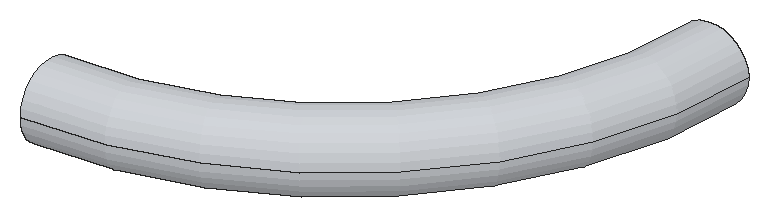
Revit family "TuberiaPEAD_Curva90_redincendios_Extrucol_0002", category Uniones de tubería, Revit 2020
Family settings
  Cota de conector redondo = Diámetro de uso
  Tipo de pieza = Codo
  Se basa en plano de trabajo = No
  Siempre vertical = Sí
  Corte con vacíos al cargar = No
  Compartido = No
Parameters
  x [instance] = Radio Curvatura * tan(Angulo / 2)  # 1250 mm
  URL = "http://www.extrucol.com/"
  Radio Curvatura [instance] = DN * 5  # 1250 mm
  Fabricante = "Extrucol"
  Elevación por defecto = 0 mm
  Descripción = "Codo 90° PE100"
  DN [instance] = 250 mm
  Angulo [instance] = 90.00°
Reference planes
  plane 1 "Centro (Frontal/Posterior)": y = 0
  plane 2: z = 0
  plane 3 "Centro (Izquierda/Derecha)": x = 0
  plane 4: x = -1250
  plane 5: y = 1250
Forms (mm)
  Sweep 1, solid
    path in 3D
      loop
        arc (-1250, 0, 0) -> (-366.117, 366.117, 0) -> (0, 1250, 0) r 1250
    profile origin (-366.117, 366.117, 0) x (-0.707107, 0.707107, 0) y (0, 0, 1)
      loop
        circle (0, 0) r 125
Lines and regions (mm)
  model lines
    curve 1: arc (-1250, 0, 0) -> (-366.117, 366.117, 0) -> (0, 1250, 0) r 1250
  sketch lines
    curve 2: arc (-1250, 0, 0) -> (-366.117, 366.117, 0) -> (0, 1250, 0) r 1250
Dimensions and locks
  "x": plane 4 to plane 3 "Centro (Izquierda/Derecha)"
  "Radio Curvatura": plane 5 to plane 1 "Centro (Frontal/Posterior)"
  "DN": diameter of Sweep 1 sketch curve
  aligned and locked: level to plane 2
  aligned and locked: plane 1 "Centro (Frontal/Posterior)" to curve 1
  aligned and locked: connector elem to curve 1
Automatic sketch dimensions
  curve 1 to plane 4 = 0 mm
  curve 1 to plane 3 "Centro (Izquierda/Derecha)" = 0 mm
  Sweep 1 sketch curve to profile plane = 0 mm
  profile plane to Sweep 1 sketch curve = 0 mm
Connectors
  piping at (-1250, 0, 0), diameter 250, driven by "DN"
    settings: on Sweep 1, index 1, connector inside diameter 609.6 mm, connector length 0 mm, flow factor 0, pipe flow 0.0 L/s, pressure drop 0.0 Pa, fitting loss kfactor 0, connector angle 90.00°, fixture units 0, engagement length 0 mm, angle of deflection 0.00°, flow configuration 0, flow direction 0, fitting loss method 0, system type 28, joint type 0, gender type 0, connector reference index 2, connector utility 0, adjustable connector no, is connector primary yes, connector description ""
  piping at (0, 1250, 0), diameter 250, driven by "DN"
    settings: on Sweep 1, index 2, connector inside diameter 609.6 mm, connector length 0 mm, flow factor 0, pipe flow 0.0 L/s, pressure drop 0.0 Pa, fitting loss kfactor 0, connector angle 90.00°, fixture units 0, engagement length 0 mm, angle of deflection 0.00°, flow configuration 0, flow direction 0, fitting loss method 0, system type 28, joint type 0, gender type 0, connector reference index 1, connector utility 0, adjustable connector no, is connector primary no, connector description ""
